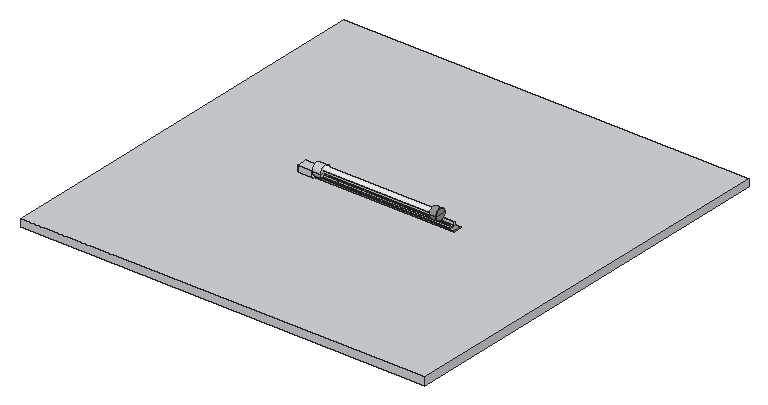
Revit family "LOMD-01-LE", category Lighting Fixtures, host Face, Revit 2014 (continued)
Types (2, lengths in mm): name | Watts | Wattage Comments | Photometric Web File | built-in parameter 1150142 | Model | Apparent Load
  LOMD/01L/LE | 20 W | "20 W" | "CHL_LOMD_01L_LE.ies" | "IESNA:LM-63-2002 \r\n[TEST]WO-7157\r\n[TESTLAB]LUX-TSI\r\n[ISSUEDATE]22/02/2016\r\n[TESTDATE]22/02/2016\r\n[MANUFAC]Chalmit Lighting\r\n[LUMCAT]LOMD/01L/LE\r\n[LUMINAIRE]Lomond LED\r\n[LAMP]LED\r\n[_LUMTYPE]Linear Surface\r\n[_LAMPTYPE]LED\r\n[_LAMPMORE]Light Emitting Diodes, White\r\n[_HAZRATING]Zone 1, Zone 21\r\n[_HAZPRO]Ex d, ATEX, IECEx\r\n[_ENVIRORATING]IP66, IP67\r\n[_AMBIENT]-20°C to +55°C\r\n[_MOUNT]Surface, Suspended, Stanchion, Wall\r\n[_KEYWORDS]Wire Guard, Pole, Column, Mast\r\n[_DRAWFILE]LOMOND-18W.dwg\r\n\r\nTILT=NONE\r\n1 -1 1.000 73 25 1 2 0.055 0.535 0.030\r\n1.000 1 19.4\r\n0.00 2.50 5.00 7.50 10.00 12.50 15.00 17.50 20.00 22.50 25.00 27.50 30.00 32.50 35.00 37.50 40.00 42.50 45.00 47.50 50.00 52.50 55.00 57.50 60.00 62.50 65.00 67.50 70.00 72.50 75.00 77.50 80.00 82.50 85.00 87.50 90.00 92.50 95.00 97.50 100.00 102.50 105.00 107.50 110.00 112.50 115.00 117.50 120.00 122.50 125.00 127.50 130.00 132.50 135.00 137.50 140.00 142.50 145.00 147.50 150.00 152.50 155.00 157.50 160.00 162.50 165.00 167.50 170.00 172.50 175.00 177.50 180.00 \r\n0.00 15.00 30.00 45.00 60.00 75.00 90.00 105.00 120.00 135.00 150.00 165.00 180.00 195.00 210.00 225.00 240.00 255.00 270.00 285.00 300.00 315.00 330.00 345.00 360.00 \r\n463.4 467.2 467.0 464.5 462.5 458.4 454.8 447.1 435.8 429.2 420.8 411.4 401.6 393.8 382.5 364.7 348.3 333.1 318.7 301.6 279.5 261.8 244.8 224.9 199.5 176.7 153.0 129.9 106.7 84.2 62.3 41.6 23.7 11.9 4.5 0.8 0.0 0.0 0.5 0.5 0.1 0.0 0.5 0.7 0.4 0.4 0.9 1.0 0.7 0.5 0.9 1.0 0.8 0.6 0.8 1.1 0.7 0.5 0.8 0.9 0.6 0.8 1.3 1.2 1.7 2.5 3.2 4.9 5.6 6.5 6.3 6.3 6.5\r\n463.4 467.5 467.0 465.1 463.7 461.0 455.6 448.2 439.4 429.5 419.4 410.3 402.1 390.0 377.6 363.9 348.7 331.7 317.4 301.3 284.7 266.1 243.2 220.1 201.7 182.6 155.0 137.3 115.7 97.1 82.6 63.0 36.1 21.8 12.4 4.4 1.0 0.5 0.9 0.5 0.0 0.1 0.2 0.8 0.3 0.4 0.9 1.0 0.5 0.7 1.0 0.8 0.5 0.9 1.1 0.8 0.6 0.9 0.9 0.6 0.7 1.0 0.9 1.2 1.9 2.2 3.5 4.9 6.1 6.3 6.7 6.6 6.5\r\n463.4 464.4 465.6 462.9 461.8 457.1 453.2 445.2 437.9 428.1 417.5 410.0 402.4 390.4 375.2 362.2 347.9 333.9 318.5 299.8 281.3 267.6 247.1 229.1 210.0 192.8 174.3 149.6 120.7 97.2 80.0 61.4 41.3 25.6 13.1 5.8 1.9 1.5 1.1 0.4 0.4 0.8 0.9 0.5 0.4 1.0 0.7 0.5 1.0 1.0 0.7 0.5 0.9 1.0 0.8 0.6 0.9 0.8 0.6 0.5 0.9 1.0 0.9 1.1 1.8 2.1 3.4 5.0 6.0 6.5 6.8 6.3 6.5\r\n463.4 463.3 462.8 462.2 456.8 453.8 447.9 444.3 439.8 433.2 421.7 406.4 396.0 387.0 376.5 361.7 346.6 335.6 316.7 300.9 284.5 275.8 255.4 237.5 215.2 190.0 162.5 138.3 125.2 103.3 82.1 61.5 41.6 27.6 15.1 6.2 2.4 1.3 0.5 0.9 1.0 0.8 0.4 0.4 0.8 1.0 1.1 0.8 0.6 0.8 1.1 0.8 0.6 0.9 1.1 0.6 0.6 0.7 0.9 0.8 0.5 0.8 1.3 1.1 1.5 2.4 3.2 5.1 6.1 6.9 6.6 6.7 6.5\r\n463.4 460.3 461.0 458.9 454.6 450.5 446.9 443.8 439.0 428.0 419.1 412.3 401.1 384.9 376.1 365.1 350.6 332.7 320.7 307.2 292.8 275.0 253.0 230.8 204.7 181.0 167.3 144.2 123.4 101.6 82.1 60.8 43.4 29.5 16.6 6.6 1.5 1.0 1.1 1.0 0.4 0.5 1.1 0.5 0.7 1.2 1.2 0.8 0.6 0.9 1.1 1.0 0.8 0.5 1.0 1.0 0.9 0.4 0.8 0.9 0.8 0.8 0.8 1.3 1.8 2.0 3.6 4.9 6.1 7.0 7.1 6.7 6.5\r\n463.4 461.6 460.6 458.9 452.6 450.4 449.1 444.0 434.9 427.7 419.1 411.0 398.7 391.9 379.3 367.7 352.9 343.5 323.4 310.8 293.1 269.6 250.4 225.0 203.6 188.7 165.2 143.1 121.9 101.0 79.8 60.4 44.3 29.3 16.2 7.2 2.2 1.3 0.7 0.5 0.6 0.9 1.0 0.6 0.7 1.2 0.9 0.7 1.1 0.9 0.6 0.5 0.9 1.1 0.9 0.6 0.5 0.7 0.9 0.6 0.6 1.0 1.1 1.2 1.8 2.0 3.3 5.2 6.5 6.9 7.1 6.9 6.5\r\n463.4 460.2 460.8 458.1 454.0 450.7 449.8 444.0 435.6 431.0 423.4 413.6 401.9 394.8 378.2 366.0 351.9 342.0 322.4 310.1 293.1 269.6 249.6 228.3 209.3 189.5 167.2 145.4 120.7 99.2 79.1 60.5 43.2 28.3 16.0 7.1 1.6 0.6 0.7 1.2 0.4 0.4 1.0 1.1 0.6 0.6 1.2 1.0 0.6 0.6 1.1 0.7 0.5 1.0 0.9 0.6 0.7 0.8 0.8 0.6 0.6 0.9 1.1 1.0 1.7 2.2 3.3 5.2 6.2 7.0 7.4 6.9 6.5\r\n463.4 461.6 461.6 459.1 453.5 451.8 447.3 443.4 434.2 425.6 420.0 411.0 396.8 391.6 378.5 364.4 349.1 341.9 322.5 310.0 291.5 268.0 250.5 224.2 203.7 188.7 165.2 144.4 123.2 101.5 79.4 60.4 43.8 28.7 15.5 6.8 2.2 1.0 0.6 1.1 1.1 1.1 0.6 0.6 1.1 1.0 0.6 1.1 0.9 0.6 1.0 1.0 0.6 0.8 1.1 0.9 0.5 0.8 0.9 0.8 0.5 1.0 1.2 1.1 1.8 2.1 3.4 5.0 6.4 6.8 7.2 6.5 6.5\r\n463.4 463.0 463.0 461.2 455.9 453.4 447.8 445.2 435.0 423.8 416.4 409.9 400.8 388.1 381.9 368.9 354.4 337.4 327.5 308.1 292.9 274.8 252.0 232.8 204.9 182.2 167.5 145.0 121.9 100.5 81.1 60.3 43.6 28.5 14.7 6.0 2.0 1.7 0.7 0.6 1.2 0.6 1.1 0.6 1.2 0.6 0.8 1.2 1.0 0.6 0.8 1.1 1.1 0.8 0.7 1.0 1.0 0.9 0.5 0.6 0.9 1.1 0.9 1.4 1.8 2.2 3.2 5.2 6.2 6.9 6.7 6.3 6.5\r\n463.4 463.1 463.6 462.0 456.9 451.5 443.4 435.9 434.7 429.5 420.7 411.2 402.5 393.6 382.6 365.6 352.6 336.7 321.5 306.0 293.4 274.7 258.2 239.9 212.9 190.3 164.2 142.2 122.6 101.5 80.0 58.4 40.2 26.2 13.9 5.3 1.8 1.6 1.2 0.7 0.7 1.1 1.0 0.6 0.4 0.8 1.2 1.0 0.5 0.9 1.1 0.7 0.6 0.7 1.1 0.8 0.6 0.9 0.5 0.9 0.6 1.1 0.9 1.5 1.5 2.5 3.4 4.9 6.3 6.9 6.6 6.5 6.5\r\n463.4 465.2 463.8 463.1 458.1 451.3 442.3 438.4 435.4 430.3 422.9 416.2 407.2 393.6 378.6 364.2 350.9 337.2 318.3 298.4 288.2 268.1 251.5 228.7 216.3 191.8 173.3 146.3 121.2 97.1 79.7 57.1 38.8 23.2 12.1 4.6 1.8 1.4 0.9 0.6 0.5 1.0 0.4 0.3 0.9 0.9 0.5 0.7 0.9 1.1 0.9 0.5 0.9 1.0 1.1 0.9 0.6 0.8 1.0 0.6 0.7 1.0 1.1 1.2 1.7 2.5 3.6 4.8 6.2 6.5 6.9 6.5 6.5\r\n463.4 467.3 466.9 464.0 459.4 452.9 447.2 446.2 442.2 434.1 422.6 416.1 403.8 390.2 376.9 365.0 351.1 337.2 322.5 306.6 285.9 264.1 245.4 227.8 204.2 177.8 158.3 134.5 114.2 97.4 78.2 57.1 35.8 21.7 10.6 3.5 0.9 1.1 0.6 0.1 0.5 0.9 0.2 0.1 0.5 1.1 0.6 0.5 0.9 1.0 0.6 0.6 0.9 1.1 0.8 0.6 0.8 0.9 0.9 0.6 0.8 1.1 1.0 1.1 1.7 2.5 3.6 4.8 6.2 6.4 6.5 6.6 6.5\r\n463.4 466.8 467.0 464.2 458.5 451.9 447.7 446.9 442.0 434.1 426.2 416.6 402.8 392.0 379.9 366.4 354.0 339.0 321.2 304.8 285.5 267.8 245.9 226.1 201.6 176.3 152.0 129.2 104.7 81.9 59.6 38.8 21.4 10.3 2.6 0.4 0.6 0.4 0.0 0.5 0.0 0.4 0.1 0.3 0.6 1.0 0.9 0.5 0.8 1.1 0.5 1.0 0.6 1.1 0.9 0.6 0.8 0.8 1.0 0.9 0.6 1.0 1.1 1.1 1.8 2.2 3.6 5.0 5.9 6.6 6.5 6.3 6.5\r\n463.4 465.6 464.5 460.4 452.2 443.7 440.2 438.2 432.8 426.5 420.1 409.8 399.0 386.2 373.9 361.4 348.2 335.3 315.7 296.1 279.2 261.4 243.9 223.6 197.7 174.9 149.7 121.9 103.0 82.3 70.1 51.7 30.0 13.7 6.8 3.0 1.1 0.8 1.2 0.5 0.5 0.2 0.3 0.2 0.7 0.6 0.5 0.8 1.0 0.6 1.0 0.6 1.1 0.6 1.1 0.6 1.0 0.7 0.7 1.0 0.7 0.7 1.1 1.4 1.5 2.5 3.4 5.1 6.0 6.5 6.7 6.4 6.5\r\n463.4 463.8 460.0 455.0 450.7 441.2 438.3 436.2 433.8 429.8 420.8 408.8 398.1 385.0 374.3 358.7 342.4 330.4 312.3 294.3 272.1 254.8 236.0 215.3 195.6 180.1 165.2 140.9 119.4 90.4 64.2 47.8 28.1 18.3 7.9 3.2 2.1 1.8 1.4 0.8 0.7 1.0 1.0 0.3 0.7 1.1 0.9 0.6 0.8 1.0 1.1 0.6 0.7 1.1 0.9 0.6 0.8 1.0 0.9 0.6 0.7 1.1 1.1 1.1 1.9 2.2 3.7 5.1 6.2 6.6 6.8 6.6 6.5\r\n463.4 459.8 456.3 453.2 449.0 444.8 439.2 432.3 428.9 421.0 413.1 407.0 396.8 384.9 370.7 355.2 337.4 319.8 305.3 288.8 270.6 259.6 241.4 227.4 203.2 180.4 156.5 131.0 104.3 83.5 65.5 44.4 34.7 16.0 8.5 3.2 2.2 1.2 1.0 1.4 1.4 0.8 0.5 0.5 0.9 1.2 1.1 0.8 0.8 1.1 0.7 0.6 1.1 1.0 0.7 0.7 1.0 0.7 0.5 0.7 0.9 1.1 0.9 1.4 1.6 2.4 3.6 5.0 6.5 6.8 6.9 6.7 6.5\r\n463.4 456.2 452.7 451.9 448.4 446.1 440.4 431.6 423.5 417.0 408.1 400.3 389.6 378.8 364.3 350.8 336.2 319.9 303.3 296.0 278.5 263.9 243.6 223.8 201.7 171.6 149.0 122.2 105.6 84.1 62.7 51.0 32.4 18.6 8.9 3.0 2.0 1.4 0.8 1.4 1.2 0.5 0.6 1.1 1.2 1.1 0.8 0.7 0.6 1.1 1.1 0.9 0.6 0.7 1.2 0.9 0.6 0.6 1.0 0.8 0.6 0.8 1.2 1.4 1.5 2.5 3.4 5.1 6.5 6.8 7.3 6.5 6.5\r\n463.4 456.7 451.7 451.9 449.1 446.3 438.5 432.9 429.4 422.2 413.0 400.8 387.8 372.5 358.3 347.4 333.0 319.9 309.3 295.2 278.8 258.0 238.2 218.4 190.9 170.7 143.4 124.0 103.8 82.4 64.8 52.2 31.2 19.2 9.9 3.7 1.9 1.0 0.7 1.0 1.3 0.9 0.7 1.2 1.0 0.6 0.9 1.2 1.0 0.5 0.6 0.7 1.1 0.9 0.7 0.7 1.0 0.9 0.7 0.5 0.9 1.0 0.8 1.2 1.8 2.2 3.3 5.3 6.2 7.2 7.3 6.6 6.5\r\n463.4 456.3 452.9 450.5 449.5 447.0 439.1 432.2 431.4 423.1 413.5 404.9 395.3 378.5 365.5 351.0 336.8 324.6 307.9 297.7 281.2 260.9 242.0 220.5 192.6 169.6 145.6 126.4 102.4 81.5 67.1 51.8 30.6 19.7 9.5 3.1 1.6 0.9 0.7 1.3 1.1 0.9 0.6 0.7 1.2 1.0 0.7 0.8 1.1 1.0 0.5 0.9 1.1 0.9 0.7 0.6 0.9 0.8 0.6 0.7 1.0 0.9 0.8 1.4 1.7 2.2 3.5 5.3 6.2 7.2 7.0 6.7 6.5\r\n463.4 457.5 453.7 453.4 453.3 448.7 443.2 435.9 430.2 423.3 414.3 403.6 392.9 378.7 366.9 352.8 337.0 322.6 314.2 298.1 281.4 259.6 241.2 221.5 192.6 171.5 144.9 126.2 106.1 84.4 66.6 53.8 32.2 20.2 10.7 3.4 1.1 1.1 1.5 1.1 0.5 1.1 1.2 0.8 0.6 1.1 1.2 1.2 0.6 1.0 1.0 0.7 0.6 1.0 1.0 0.6 0.5 0.7 1.0 0.6 0.7 1.1 1.0 1.3 1.8 2.1 3.5 5.1 6.3 6.8 7.3 6.6 6.5\r\n463.4 459.9 454.8 453.5 452.2 451.1 445.5 439.8 432.6 425.6 416.4 407.0 393.8 382.7 366.5 353.5 338.2 320.3 304.2 297.0 277.4 263.1 242.2 221.7 202.3 172.7 151.8 124.1 107.3 87.7 65.4 51.8 34.2 20.5 10.6 3.2 1.4 1.6 1.5 0.7 0.7 1.3 1.0 0.5 1.0 1.0 0.7 0.8 1.1 1.0 0.6 0.7 1.1 0.9 0.7 0.6 0.8 0.9 0.6 0.5 0.8 1.1 0.9 1.1 1.6 2.4 3.2 5.1 6.1 7.0 6.7 6.4 6.5\r\n463.4 461.1 457.6 454.0 452.5 449.3 448.2 441.8 435.5 425.1 413.9 407.1 395.5 382.3 367.8 357.5 339.9 322.0 303.0 287.0 271.6 261.5 242.9 231.1 204.7 183.6 161.1 133.6 108.3 88.4 68.2 46.9 36.7 19.0 10.6 3.8 2.1 1.4 0.7 1.2 1.3 1.0 0.4 0.9 1.1 1.0 0.6 0.7 1.1 1.0 0.5 0.9 1.0 0.7 0.7 0.6 0.7 0.8 0.9 0.8 0.7 0.7 1.1 1.4 1.5 2.4 3.3 5.0 6.1 6.8 6.6 6.2 6.5\r\n463.4 464.1 459.7 455.8 453.1 449.6 445.3 441.2 435.1 425.4 413.2 404.1 393.9 383.2 374.6 361.1 343.5 326.8 310.5 292.4 268.7 251.1 234.0 215.6 195.9 180.7 167.5 141.0 121.0 94.7 70.3 49.7 32.0 21.5 8.8 4.5 1.7 1.0 0.7 1.0 1.2 0.6 0.4 0.6 1.0 0.9 0.8 0.6 0.6 0.8 1.0 1.1 0.8 0.7 1.1 0.9 0.5 0.9 0.9 0.6 0.6 1.0 1.2 1.2 1.5 2.4 3.4 4.7 6.2 6.4 6.7 6.3 6.5\r\n463.4 464.5 464.5 459.6 457.6 451.4 443.6 440.3 428.8 421.5 413.0 404.4 396.9 388.4 377.3 362.1 347.4 329.0 311.2 293.8 277.4 260.9 241.5 219.5 197.8 176.0 149.6 127.1 104.7 86.0 74.2 55.2 37.0 16.3 7.1 3.2 1.6 0.7 0.3 0.6 0.5 0.0 0.0 0.7 0.7 0.5 0.5 0.8 1.1 0.8 0.6 0.7 1.0 0.9 0.7 0.7 0.9 1.0 0.7 0.5 0.8 1.1 0.8 1.4 1.8 2.3 3.2 4.6 6.0 6.2 6.3 6.4 6.5\r\n463.4 467.7 465.2 465.3 461.6 458.9 453.4 446.5 436.4 427.3 419.1 411.3 402.4 392.7 380.1 364.8 348.8 332.7 316.3 300.5 279.0 261.9 244.3 222.8 198.6 176.9 152.4 128.2 106.7 83.8 61.1 40.0 23.5 12.0 3.7 0.3 0.5 0.1 0.0 0.3 0.5 0.2 0.0 0.6 0.8 0.5 0.5 1.0 1.0 0.6 0.7 1.1 0.8 0.7 0.9 1.1 0.6 0.6 0.9 0.8 0.6 1.0 1.3 1.2 1.7 2.5 3.5 4.6 5.7 6.5 6.3 6.2 6.5\r\n" | "LMOD/01/LE" | 20 VA
  LOMD/01L/LE/EM | 24 W | "24W" | "CHL_LOMD_01L_LE_EM.ies" | "IESNA:LM-63-2002 \r\n[TEST]WO-8243\r\n[TESTLAB]LUX-TSI\r\n[ISSUEDATE]20/09/2016\r\n[TESTDATE]19/09/2016\r\n[MANUFAC]Chalmit Lighting\r\n[LUMCAT]LOMD/01L/LE/EM\r\n[LUMINAIRE]Lomond LED\r\n[LAMP]LED\r\n[_LUMTYPE]Linear Surface\r\n[_LAMPTYPE]LED\r\n[_LAMPMORE]Light Emitting Diodes, White\r\n[_HAZRATING]Zone 1, Zone 21\r\n[_HAZPRO]Ex d, Ex e, ATEX, IECEx\r\n[_ENVIRORATING]IP66, IP67\r\n[_AMBIENT]-20°C to +55°C\r\n[_MOUNT]Surface, Suspended, Stanchion, Wall\r\n[_EMMODE]3hr Duration\r\n[_KEYWORDS]Wire Guard, Pole, Column, Mast\r\n[_DRAWFILE]LOMOND-18W.dwg\r\n\r\nTILT=NONE\r\n1 -1 1.000 73 25 1 2 0.135 0.540 0.040\r\n1.000 1 5.4\r\n0.00 2.50 5.00 7.50 10.00 12.50 15.00 17.50 20.00 22.50 25.00 27.50 30.00 32.50 35.00 37.50 40.00 42.50 45.00 47.50 50.00 52.50 55.00 57.50 60.00 62.50 65.00 67.50 70.00 72.50 75.00 77.50 80.00 82.50 85.00 87.50 90.00 92.50 95.00 97.50 100.00 102.50 105.00 107.50 110.00 112.50 115.00 117.50 120.00 122.50 125.00 127.50 130.00 132.50 135.00 137.50 140.00 142.50 145.00 147.50 150.00 152.50 155.00 157.50 160.00 162.50 165.00 167.50 170.00 172.50 175.00 177.50 180.00 \r\n0.00 15.00 30.00 45.00 60.00 75.00 90.00 105.00 120.00 135.00 150.00 165.00 180.00 195.00 210.00 225.00 240.00 255.00 270.00 285.00 300.00 315.00 330.00 345.00 360.00 \r\n165.3 167.4 166.9 164.6 165.2 162.9 161.0 160.5 157.4 154.1 152.5 149.0 145.0 140.2 136.0 131.2 124.7 119.3 113.6 107.2 100.0 93.8 87.4 78.8 71.1 62.8 55.8 46.3 38.6 31.1 23.1 15.2 8.3 4.0 1.6 0.7 0.0 0.0 0.2 0.3 0.0 0.0 0.5 0.4 0.0 0.0 0.5 0.5 0.3 0.0 0.3 0.6 0.2 0.0 0.4 0.5 0.1 0.0 0.0 0.3 0.5 0.4 0.2 0.4 0.8 0.6 1.5 1.7 2.1 2.6 2.3 2.5 2.4\r\n165.3 166.7 165.3 165.4 162.1 161.1 158.5 157.4 155.0 151.1 150.0 146.1 141.4 137.5 133.0 129.7 124.3 120.2 115.5 110.1 102.5 95.7 88.0 79.8 71.1 65.7 58.1 50.5 43.0 35.8 29.0 22.4 15.7 9.7 5.5 2.2 1.4 0.8 0.0 0.1 0.6 0.4 0.3 0.0 0.0 0.2 0.3 0.5 0.0 0.0 0.5 0.4 0.0 0.2 0.5 0.5 0.4 0.1 0.0 0.3 0.5 0.5 0.1 0.6 0.8 0.6 1.2 2.1 2.0 2.7 2.5 2.4 2.4\r\n165.3 165.2 164.2 162.8 160.1 159.3 157.6 155.1 155.2 154.2 151.8 149.4 147.4 143.4 137.3 131.0 125.3 120.8 116.1 110.6 103.7 98.0 90.8 84.7 77.2 71.4 62.7 56.7 48.4 39.7 30.5 25.1 19.0 13.5 7.6 3.9 1.6 1.2 0.3 0.1 0.3 0.6 0.2 0.0 0.0 0.4 0.6 0.4 0.2 0.0 0.0 0.2 0.4 0.1 0.1 0.5 0.2 0.0 0.1 0.5 0.2 0.0 0.2 0.8 0.8 0.6 1.5 2.0 2.2 2.6 2.4 2.6 2.4\r\n165.3 164.4 162.1 162.2 159.4 159.4 157.1 158.4 157.1 154.6 153.1 149.2 143.0 139.8 137.9 134.4 128.1 122.5 116.9 112.5 107.3 101.6 94.0 87.6 81.3 72.4 63.9 56.5 50.2 42.9 34.5 27.9 21.0 14.4 9.1 5.1 2.8 1.1 0.7 0.1 0.7 0.6 0.4 0.0 0.5 0.5 0.0 0.1 0.5 0.3 0.0 0.0 0.1 0.5 0.5 0.1 0.0 0.5 0.2 0.0 0.1 0.5 0.1 0.4 0.8 0.8 1.1 2.0 2.1 2.8 2.7 2.4 2.4\r\n165.3 163.3 162.8 160.0 160.1 160.0 160.0 159.9 158.5 154.4 150.6 147.2 145.7 143.5 137.7 133.7 128.4 123.7 119.0 115.7 108.9 103.1 97.3 88.6 79.8 71.4 64.4 59.5 51.9 43.4 35.9 29.3 22.6 15.6 11.0 7.0 3.1 0.8 0.2 0.7 0.8 0.5 0.1 0.0 0.4 0.7 0.5 0.0 0.0 0.5 0.5 0.2 0.0 0.2 0.5 0.2 0.0 0.4 0.4 0.1 0.0 0.4 0.4 0.2 0.7 0.7 1.1 2.1 2.2 2.9 2.6 2.4 2.4\r\n165.3 163.3 161.0 160.1 160.2 160.2 160.8 160.8 157.9 152.4 149.8 150.1 146.4 140.1 138.5 135.3 129.9 124.4 121.0 116.2 110.8 103.9 95.0 87.6 80.3 73.5 66.8 58.9 52.8 44.8 36.9 29.2 23.0 16.7 11.0 7.0 3.7 1.4 0.4 0.2 0.4 0.5 0.3 0.0 0.5 0.7 0.2 0.0 0.2 0.5 0.1 0.1 0.0 0.3 0.5 0.1 0.0 0.3 0.5 0.0 0.3 0.6 0.5 0.4 0.5 1.0 1.0 2.1 2.2 2.9 2.5 2.5 2.4\r\n165.3 161.5 162.3 159.7 161.0 160.3 161.8 160.2 157.0 153.5 153.0 150.3 145.6 141.7 139.4 136.6 130.8 125.6 121.7 116.5 109.9 103.0 96.5 88.0 80.0 73.5 66.8 60.1 52.8 44.6 36.1 28.4 22.2 17.0 11.9 6.7 3.1 1.2 0.8 0.3 0.0 0.0 0.2 0.4 0.7 0.5 0.0 0.2 0.5 0.0 0.0 0.0 0.4 0.5 0.5 0.1 0.1 0.0 0.2 0.4 0.0 0.2 0.5 0.4 0.4 0.9 1.3 1.6 2.6 2.5 3.0 2.5 2.4\r\n165.3 163.0 160.8 160.3 160.1 161.3 160.5 160.6 157.2 152.7 151.6 149.5 146.3 142.3 139.2 134.2 129.3 125.6 121.7 115.0 108.2 103.1 95.8 87.2 79.3 72.8 66.8 58.7 51.1 44.1 37.2 29.1 21.6 15.6 11.5 6.8 2.7 0.9 1.0 0.1 0.6 0.6 0.1 0.1 0.4 0.7 0.7 0.4 0.0 0.3 0.5 0.1 0.1 0.5 0.4 0.0 0.0 0.1 0.5 0.5 0.2 0.1 0.4 0.5 0.4 1.0 1.1 1.9 2.5 2.4 2.9 2.5 2.4\r\n165.3 163.3 162.7 160.6 159.9 159.2 161.3 159.2 159.0 154.9 149.3 148.8 147.0 141.5 137.1 134.7 128.6 123.1 118.5 114.8 108.7 102.4 96.6 88.6 79.6 71.6 65.6 59.0 50.6 43.8 35.9 27.8 20.8 15.9 10.7 5.8 2.1 1.3 0.5 0.0 0.5 0.6 0.2 0.2 0.7 0.3 0.0 0.0 0.4 0.6 0.2 0.0 0.3 0.6 0.1 0.0 0.5 0.4 0.0 0.1 0.5 0.2 0.1 0.3 0.7 0.7 1.0 2.0 2.1 2.8 2.4 2.6 2.4\r\n165.3 163.8 162.1 162.2 160.0 157.8 158.9 158.0 157.8 155.7 151.2 146.0 142.6 140.2 137.6 133.6 128.0 124.3 118.3 112.4 106.3 102.6 96.1 87.7 79.9 71.7 64.1 56.3 49.1 41.0 34.1 27.2 19.0 12.9 8.8 5.1 1.9 0.4 0.1 0.2 0.5 0.5 0.2 0.0 0.6 0.2 0.0 0.4 0.6 0.0 0.1 0.4 0.6 0.3 0.0 0.3 0.5 0.3 0.0 0.3 0.5 0.1 0.3 0.6 0.4 0.6 1.3 2.0 2.1 2.6 2.4 2.4 2.4\r\n165.3 163.9 164.0 162.3 161.2 158.7 157.5 156.0 151.8 149.7 150.5 148.6 145.3 143.7 139.1 131.1 124.5 121.0 116.6 110.4 101.5 96.4 90.3 84.9 77.3 69.7 64.0 56.8 46.5 37.6 30.9 24.5 17.5 11.2 6.2 3.6 1.7 0.8 0.1 0.2 0.6 0.6 0.0 0.0 0.6 0.2 0.0 0.4 0.4 0.0 0.0 0.5 0.2 0.0 0.1 0.5 0.1 0.0 0.0 0.3 0.4 0.0 0.4 0.7 0.4 0.9 1.4 1.7 2.3 2.3 2.3 2.3 2.4\r\n165.3 165.9 164.8 163.5 162.4 160.3 158.7 154.7 150.3 149.5 147.7 144.3 141.2 139.0 133.3 128.1 124.2 120.9 115.2 107.9 102.0 94.8 86.4 76.8 71.5 65.1 55.9 48.4 40.5 34.2 27.4 20.5 13.1 9.1 5.1 2.2 0.4 0.1 0.7 0.7 0.6 0.0 0.0 0.5 0.4 0.0 0.1 0.5 0.4 0.0 0.0 0.5 0.4 0.2 0.0 0.0 0.5 0.4 0.0 0.2 0.5 0.0 0.3 0.6 0.3 0.8 1.4 1.7 2.3 2.3 2.6 2.7 2.4\r\n165.3 165.3 166.6 164.2 164.7 162.5 161.2 157.2 153.3 153.5 150.8 147.5 144.7 141.7 134.5 128.8 123.8 119.3 114.1 105.5 98.7 92.8 85.6 76.7 68.3 60.2 52.5 44.6 35.8 27.2 19.1 13.2 7.5 3.2 0.6 0.5 0.4 0.0 0.0 0.0 0.1 0.3 0.3 0.2 0.0 0.0 0.6 0.6 0.2 0.0 0.3 0.5 0.2 0.0 0.1 0.5 0.5 0.1 0.0 0.1 0.4 0.4 0.1 0.7 0.3 0.6 1.4 1.8 2.0 2.6 2.6 2.3 2.4\r\n165.3 166.2 166.1 163.4 162.5 159.7 158.7 152.6 150.0 147.8 144.3 141.7 139.3 134.2 128.8 124.2 119.6 114.6 107.2 100.6 95.7 89.1 79.8 71.6 63.2 56.9 48.8 41.6 34.9 26.9 20.2 14.1 7.3 3.4 2.2 1.3 0.6 0.0 0.6 0.2 0.0 0.0 0.4 0.3 0.0 0.0 0.1 0.4 0.6 0.6 0.1 0.0 0.5 0.2 0.0 0.3 0.5 0.3 0.2 0.0 0.1 0.5 0.5 0.2 0.6 1.0 1.1 1.8 2.4 2.2 2.7 2.6 2.4\r\n165.3 164.4 164.7 162.4 158.6 155.6 153.6 152.1 148.1 145.9 145.0 141.0 137.9 135.0 130.0 122.9 116.1 109.1 104.8 98.3 91.5 85.6 80.1 70.3 63.2 56.1 49.3 41.3 33.4 24.4 18.4 11.6 7.9 3.6 2.4 1.4 0.8 0.2 0.6 0.6 0.4 0.0 0.0 0.4 0.2 0.0 0.6 0.2 0.0 0.1 0.2 0.6 0.4 0.1 0.0 0.1 0.5 0.2 0.0 0.1 0.5 0.3 0.1 0.3 0.7 1.0 1.0 1.8 2.4 2.3 2.7 2.2 2.4\r\n165.3 163.3 162.2 160.3 156.4 155.8 153.7 152.9 150.8 145.5 143.4 139.9 134.3 129.4 125.7 121.6 115.3 108.5 103.7 97.4 89.3 84.5 77.3 68.8 61.4 53.3 46.8 37.3 29.8 22.8 16.5 12.6 5.7 3.6 2.0 0.7 0.2 0.6 0.8 0.6 0.0 0.0 0.4 0.3 0.0 0.0 0.5 0.5 0.0 0.0 0.5 0.5 0.3 0.1 0.0 0.3 0.5 0.4 0.1 0.1 0.5 0.4 0.1 0.6 0.7 0.6 1.4 1.8 2.3 2.6 2.8 2.7 2.4\r\n165.3 162.2 160.6 157.6 156.5 154.5 153.4 152.5 150.2 146.4 141.4 136.2 132.2 128.5 123.9 118.7 114.3 106.7 100.2 95.2 88.4 82.3 75.3 65.6 58.0 49.3 42.1 34.8 28.1 22.4 17.8 10.4 6.1 3.2 1.7 0.6 0.2 0.5 0.8 0.5 0.0 0.0 0.2 0.6 0.4 0.1 0.1 0.2 0.5 0.3 0.0 0.1 0.5 0.4 0.0 0.4 0.5 0.4 0.0 0.0 0.2 0.4 0.1 0.2 0.8 0.6 1.1 2.1 2.1 2.8 2.4 2.4 2.4\r\n165.3 162.1 161.4 157.1 157.2 155.2 154.6 152.2 148.9 145.5 141.2 137.0 134.7 129.0 123.7 120.4 112.3 106.9 100.1 93.0 87.3 80.9 71.7 64.5 55.2 48.3 42.2 34.8 26.5 21.4 15.6 9.6 6.5 3.4 0.7 0.1 0.2 0.5 0.9 0.4 0.4 0.0 0.1 0.6 0.5 0.4 0.0 0.0 0.4 0.6 0.2 0.0 0.4 0.6 0.2 0.0 0.4 0.5 0.3 0.0 0.4 0.4 0.1 0.5 0.7 0.6 1.4 1.8 2.4 2.4 2.8 2.4 2.4\r\n165.3 163.9 160.9 156.6 157.1 155.0 154.5 151.0 148.3 145.8 138.3 136.0 134.5 128.9 123.4 119.3 112.9 106.7 100.2 94.1 89.2 81.1 72.6 65.7 56.1 47.1 39.7 32.5 25.8 21.6 15.5 9.4 5.5 2.4 0.9 1.0 0.7 0.0 0.0 0.2 0.7 0.0 0.0 0.0 0.4 0.4 0.6 0.1 0.1 0.6 0.4 0.0 0.3 0.6 0.2 0.0 0.0 0.1 0.2 0.5 0.5 0.2 0.3 0.6 0.4 0.8 1.4 1.7 2.5 2.4 2.9 2.6 2.4\r\n165.3 164.5 161.8 157.7 157.4 156.0 155.5 151.7 150.0 147.2 141.8 136.3 134.5 131.0 125.7 119.9 112.3 107.8 102.0 94.9 87.4 81.7 74.0 66.9 56.5 48.6 43.3 35.7 26.5 21.5 16.6 10.2 7.0 3.5 0.6 0.4 0.8 0.9 0.0 0.5 0.7 0.1 0.0 0.0 0.3 0.6 0.6 0.2 0.0 0.0 0.1 0.5 0.4 0.0 0.4 0.7 0.1 0.0 0.2 0.4 0.5 0.1 0.1 0.2 0.8 0.6 1.4 1.8 2.4 2.7 2.4 2.7 2.4\r\n165.3 163.9 162.5 158.4 158.0 155.9 155.9 153.2 149.3 146.6 143.8 136.6 132.9 131.5 126.5 120.7 116.4 109.7 103.5 96.8 88.8 81.5 76.4 68.0 60.3 50.7 44.1 37.7 29.3 21.7 18.1 11.1 6.7 3.4 1.8 1.2 0.5 0.0 0.7 0.8 0.6 0.0 0.2 0.5 0.0 0.0 0.6 0.3 0.0 0.3 0.2 0.5 0.4 0.0 0.3 0.6 0.2 0.0 0.3 0.5 0.0 0.3 0.6 0.5 0.3 0.9 1.4 1.7 2.4 2.7 2.3 2.6 2.4\r\n165.3 165.6 163.2 161.4 157.6 155.4 155.3 151.9 149.3 148.0 144.2 141.0 138.1 132.4 126.6 123.5 118.1 110.8 104.6 98.8 91.4 86.0 77.5 69.4 64.7 55.6 47.8 37.8 30.5 24.3 17.3 12.9 6.8 4.8 2.1 0.3 0.7 0.8 0.3 0.2 0.7 0.4 0.0 0.0 0.0 0.6 0.2 0.0 0.5 0.4 0.1 0.2 0.4 0.5 0.1 0.0 0.3 0.5 0.2 0.0 0.4 0.5 0.1 0.5 0.8 0.6 1.4 2.0 2.0 2.6 2.3 2.4 2.4\r\n165.3 164.7 165.4 162.0 161.0 156.4 152.9 152.3 150.4 147.2 144.4 143.5 139.4 135.4 131.2 125.1 117.4 110.1 106.0 100.1 93.0 86.8 80.5 71.8 65.3 57.6 49.6 44.7 35.8 26.6 18.8 13.3 9.7 4.3 1.9 0.6 1.1 1.1 0.2 0.0 0.2 0.2 0.0 0.0 0.6 0.3 0.1 0.0 0.5 0.5 0.0 0.3 0.5 0.0 0.1 0.3 0.5 0.5 0.0 0.0 0.2 0.5 0.1 0.6 0.7 0.6 1.4 2.0 2.1 2.6 2.5 2.3 2.4\r\n165.3 165.4 166.6 164.1 164.0 159.9 158.5 154.4 151.1 148.9 145.5 142.8 139.3 134.2 130.9 126.2 119.6 115.1 109.6 103.2 95.9 89.1 81.8 74.6 65.1 58.3 51.2 43.6 37.5 28.8 22.8 16.0 10.6 5.6 3.0 0.8 0.1 0.2 0.6 0.4 0.2 0.0 0.0 0.3 0.4 0.0 0.0 0.1 0.5 0.6 0.1 0.0 0.4 0.5 0.3 0.0 0.1 0.4 0.5 0.2 0.0 0.4 0.6 0.2 0.7 1.0 1.0 2.0 2.1 2.6 2.5 2.3 2.4\r\n165.3 164.9 166.2 165.5 164.5 161.4 161.6 158.8 157.2 155.2 151.0 148.1 146.1 140.0 134.7 130.2 125.6 120.5 113.0 106.0 100.7 94.9 86.1 78.9 72.4 62.8 55.0 46.6 38.9 30.9 23.0 15.5 8.7 4.1 1.2 0.8 0.2 0.0 0.0 0.4 0.3 0.0 0.0 0.0 0.5 0.4 0.3 0.0 0.3 0.6 0.4 0.0 0.1 0.5 0.6 0.0 0.0 0.0 0.1 0.5 0.4 0.2 0.3 0.6 0.7 0.7 1.5 1.7 2.3 2.3 2.7 2.5 2.4\r\n" | "LOMD/01L/LE/EM" | 24 VA
